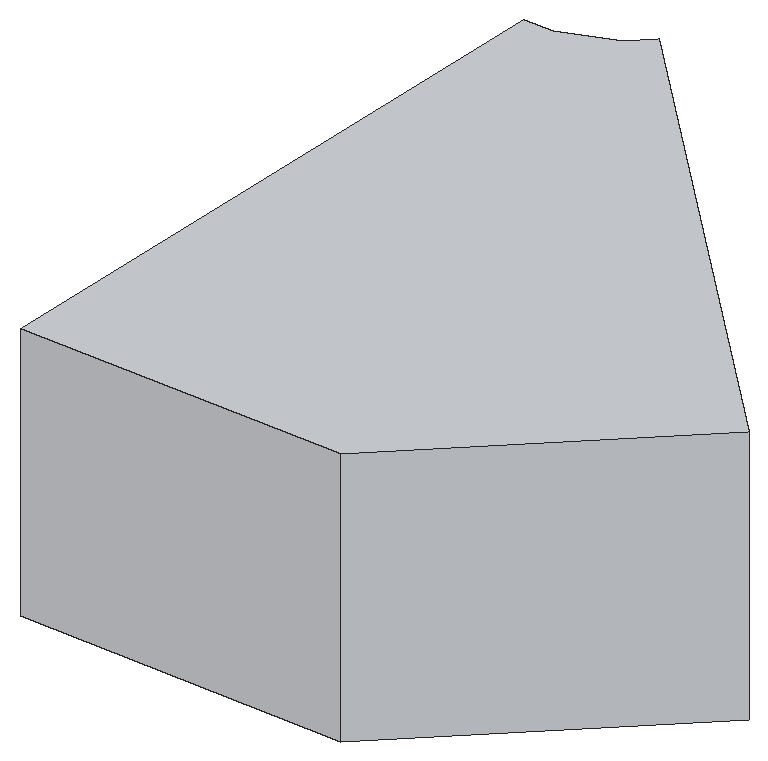
Revit family "a48434c46cf5457d8cd19df2e58b536c", category Duct Fittings, Revit 2021
Family settings
  Round Connector Dimension = Use Diameter
  Part Type = Elbow
  OmniClass Number = 23.75.70.14
  OmniClass Title = Air Ductwork
  Seek Item ID = Rectangular Elbow - Beveled Throat - Sharp Heel-0000-USA-ENU
  Work Plane-Based = No
  Always vertical = Yes
  Cut with Voids When Loaded = No
  Shared = No
Parameters (values of type "Standard")
  Throat Offset y [instance] = Throat Length * sin(Angle / 2)  # 0.76537"
  Throat Offset x [instance] = Throat Length * cos(Angle / 2)  # 1.84776"
  Throat Offset_Judge [instance] = Throat Offset  # 1.08239"
  Throat Offset [instance] = Throat Length / 2 / cos(Angle / 2)  # 1.08239"
  Shoulder Length [instance] = 1"
  Length y 4 [instance] = if(Angle = 90.00°, Duct Width / 3, Length x 3 * sin(Angle))  # 7.91612"
  Length y 3 [instance] = Duct Width / 2  # 11"
  Length y 2 [instance] = Length x 1 * sin(Angle)  # 1.47247"
  Length y 1 [instance] = if(Angle = 90.00°, Duct Width / 3, Duct Width / 2)  # 11"
  Length x 4 [instance] = Length x 3 * cos(Angle)  # 7.91612"
  Length x 3 [instance] = Shoulder Length + Throat Length / cos(Angle / 2) / 2 + Duct Width * tan(Angle / 2)  # 11.19509"
  Length x 2 [instance] = Length x 1 * cos(Angle)  # 1.47247"
  Length x 1 [instance] = Shoulder Length + Throat Length / cos(Angle / 2) / 2  # 2.08239"
  Half Width [instance] = Duct Width / 2  # 11"
  Half Height [instance] = Duct Height / 2  # 4 1/2"
  Duct Width [instance] = 22"
  Throat Length [instance] = 2"
  Duct Length 5 [instance] = Duct Length 4 * 2 + Throat Length  # 6.37607"
  Duct Length 4 [instance] = Duct Width / tan((180.00° - Angle / 2) / 2) / 2  # 2.18804"
  Duct Length 3 [instance] = Duct Length 5 / 2 / cos(Angle / 2)  # 3.45071"
  Duct Length 2 [instance] = Duct Length 1 - Duct Length 3  # 3.18804"
  Duct Length 1 [instance] = Shoulder Length + Throat Length / cos(Angle / 2) / 2 + Duct Width / 2 * tan(Angle / 2)  # 6.63874"
  Duct Height [instance] = 9"
  Default Elevation = 0' - 0"
  Assembly Code = ""
  Angle 1 [instance] = Angle / 2  # 22.50°
  Angle [instance] = 45.00°
Reference planes (in)
  plane 1 "Center (Front/Back)": y = 0
  plane 2: z = 0
  plane 3 "Center (Left/Right)": x = 0
  plane 4 "Insulation": z = -4.5
  plane 5: x = -6.63874
  plane 6: z = 4.5
  plane 7: x = -4.55635
  plane 8: x = -3.08388
  plane 9: y = 11
  plane 10: y = 12.47247
  plane 11: x = 4.55635
  plane 12: y = -11
  plane 13: y = -3.08388
  plane 14: x = 12.47247
Forms (in)
  Sweep 1, solid, detail levels medium+fine
    path in 3D
      loop
        line (-6.63874, 0, 0) -> (-3.45071, 0, 0) -> (2.44002, 2.44002, 0) -> (4.6943, 4.6943, 0)
    profile "Duct - Rectangular : Duct - Rectangular" origin (-5.04472, 0, 0) x (0, 1, 0) y (0, 0, 1)
      loop
        line (-11, 4.5) -> (-11, -4.5) -> (11, -4.5) -> (11, 4.5) -> (-11, 4.5)
  Sweep 2, solid, detail levels medium+fine
    path in 3D
      loop
        line (-6.63874, 0, 0) -> (0, 0, 0) -> (4.6943, 4.6943, 0)
    profile "Duct - Rectangular : Duct - Rectangular" origin (-3.31937, 0, 0) x (0, 1, 0) y (0, 0, 1)
      loop
        line (-11, 4.5) -> (-11, -4.5) -> (11, -4.5) -> (11, 4.5) -> (-11, 4.5)
Cuts and joins
  joined: Sweep 1, Sweep 2
Lines and regions (in)
  model lines, detail levels coarse
    curve 1: line (-6.63874, 0, 0) -> (0, 0, 0)
    curve 2: line (0, 0, 0) -> (4.6943, 4.6943, 0)
  reference lines
    curve 3: line (-6.63874, 0, 0) -> (-3.45071, 0, 0)
    curve 4: line (-3.45071, 0, 0) -> (2.44002, 2.44002, 0)
    curve 5: line (2.44002, 2.44002, 0) -> (4.6943, 4.6943, 0)
  sketch lines
    curve 6: line (-6.63874, 0, 0) -> (-3.45071, 0, 0)
    curve 7: line (-3.45071, 0, 0) -> (2.44002, 2.44002, 0)
    curve 8: line (2.44002, 2.44002, 0) -> (4.6943, 4.6943, 0)
    curve 9: line (-6.63874, 0, 0) -> (0, 0, 0)
    curve 10: line (0, 0, 0) -> (4.6943, 4.6943, 0)
Dimensions and locks (in)
  "Duct Length 1": plane 5 to plane 3 "Center (Left/Right)"
  "Duct Length 1": curve 2 to curve 2
  "Duct Length 2": curve 3 to curve 3
  "Duct Length 5": curve 4 to curve 4
  "Duct Length 2": curve 5 to curve 5
  "Duct Length 1": curve 1 to curve 1
  "Half Height": plane 6 to plane 2
  "Half Height": plane 2 to plane 4 "Insulation"
  "Length x 1": plane 5 to plane 7
  "Length x 2": plane 7 to plane 8
  "Length y 1": plane 1 "Center (Front/Back)" to plane 9
  "Length y 2": plane 9 to plane 10
  "Length x 3": plane 5 to plane 11
  "Length y 3": plane 12 to plane 1 "Center (Front/Back)"
  "Length y 4": plane 13 to plane 12
  "Length x 4": plane 11 to plane 14
  "Angle": angle plane 1 "Center (Front/Back)" to curve 2
  "Angle 1": angle plane 1 "Center (Front/Back)" to curve 4
  "Angle": angle plane 1 "Center (Front/Back)" to curve 5
  aligned and locked: plane 1 "Center (Front/Back)" to curve 1
  aligned and locked: plane 5 to curve 3
  aligned and locked: plane 5 to curve 1
Automatic sketch dimensions
  curve 3 to plane 1 "Center (Front/Back)" = 0' - 0"
Connectors (in)
  hvac at (-6.63874, 0, 0), driven by "Duct Height", driven by "Duct Width", driven by "Angle"
    settings: on cut or joined group of Sweep 1, Sweep 2, index 1, duct flow 0 CFM, flow factor 0, pres drop 0.00 in-wg, loss coef 0, conn angle 45.00°, conn width 22", conn height 9", conn diameter 24", duct sys type 28, conn prof type 1, flow config 0, flow direction 0, loss method 0, conn ref index 2, conn util no, is conn primary yes, conn desc ""
  hvac at (4.6943, 4.6943, 0), driven by "Duct Height", driven by "Duct Width", driven by "Angle"
    settings: on cut or joined group of Sweep 1, Sweep 2, index 2, duct flow 0 CFM, flow factor 0, pres drop 0.00 in-wg, loss coef 0, conn angle 45.00°, conn width 22", conn height 9", conn diameter 24", duct sys type 28, conn prof type 1, flow config 0, flow direction 0, loss method 0, conn ref index 1, conn util no, is conn primary no, conn desc ""
